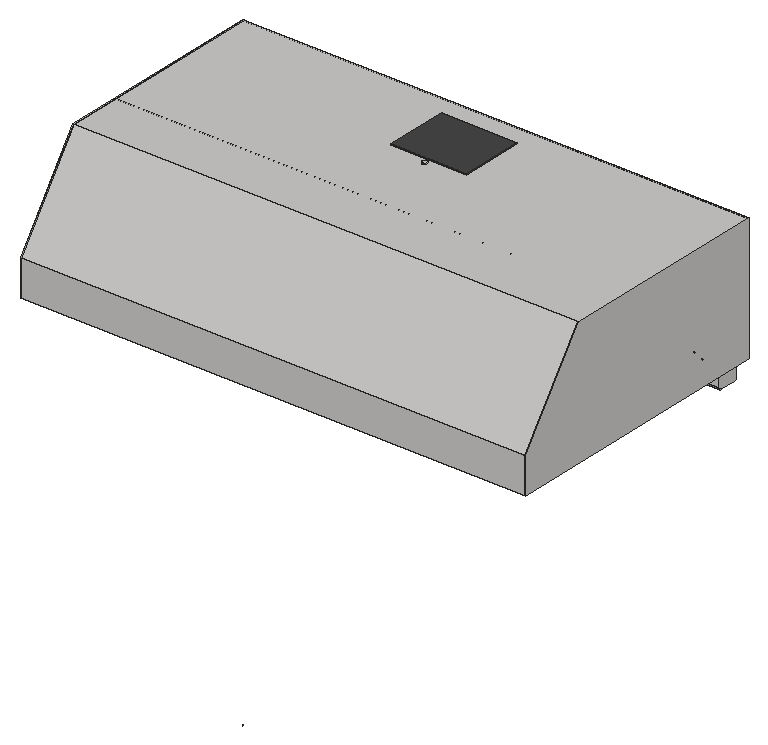
Revit family "QF_ELECTROLUXPROFESSIONAL_644222_ABPV1120BT", category Specialty Equipment, Revit 2014
Reference planes
  plane 1 "Center (Front/Back)": y = 0
  plane 2: z = 0
  plane 3 "Center (Left/Right)": x = 150
  plane 4 "LEFT": x = -850
  plane 5 "RIGHT": x = 1150
  plane 6 "BACK": y = 550
  plane 7 "FRONT": y = -550
  plane 8 "TOP": z = 2500
  plane 9 "Base": z = 2000
  plane 10: z = 1926
  plane 11 "DrainY": y = 485
  plane 12: x = -847
  plane 13: through (0, 414.509, 2000.8) normal (0, 0.7314, 0.682)
  plane 14: y = 470
  plane 15: y = 220
  plane 16 "DrainX": x = 1030
  plane 17: x = 0
  plane 18: x = 300
  plane 19: x = 1147
  plane 20: x = 940
  plane 21: x = 1120
  plane 22: x = -810
  plane 23: x = 1110
  plane 24: x = -47.5
  plane 25: x = 347.5
  plane 26: z = 2140.01
  plane 27: y = 200
Forms (mm)
  Extrusion 1, solid, material "QF_Finishes_Stainless Steel"
    sketch origin (-850, 0, 360) x (0, 1, 0) y (0, 0, 1)
      loop
        line (550, 1640) -> (550, 2140) -> (-290, 2140) -> (-550, 1780.01) -> (-550, 1640) -> (550, 1640)
    from 0 to 3
  Extrusion 2, solid, material "QF_Finishes_Stainless Steel"
    sketch origin (150, 0, 360) x (0, 1, 0) y (0, 0, 1)
      loop
        line (415.255, 1640) -> (550, 1640) -> (550, 2139.19) -> (549.2, 2139.19) -> (549.2, 1640.8) -> (415.876, 1640.8) -> (339.347, 1722.867) -> (349.609, 1732.436) -> (348.927, 1733.167) -> (337.934, 1722.917) -> (415.255, 1640)
      loop
        line (-82.203, 2139.19) -> (-82.203, 2118.6) -> (-31.047, 2118.6) -> (34.354, 2048.466) -> (46.028, 2059.352) -> (45.346, 2060.083) -> (34.403, 2049.879) -> (-30.612, 2119.6) -> (-81.203, 2119.6) -> (-81.203, 2139.19) -> (-82.203, 2139.19)
    from -997 to 997
  Extrusion 3, solid, material "QF_Finishes_Stainless Steel"
    sketch origin (1150, 0, 360) x (0, 1, 0) y (0, 0, 1)
      loop
        line (550, 1640) -> (550, 2140) -> (-290, 2140) -> (-550, 1780.01) -> (-550, 1640) -> (550, 1640)
    from 0 to -3
  Extrusion 4, solid, material "QF_Finishes_Stainless Steel"
    sketch origin (150, 0, 360) x (0, 1, 0) y (0, 0, 1)
      loop
        line (-550, 1780.01) -> (-550, 1640) -> (-549.2, 1640) -> (-549.2, 1779.751) -> (-289.598, 2139.19) -> (550, 2139.19) -> (550, 2140) -> (-290, 2140) -> (-550, 1780.01)
    from -1000 to 1000
  Extrusion 5, solid, material "QF_Finishes_Stainless Steel"
    sketch origin (150, 0, 360) x (0, 1, 0) y (0, 0, 1)
      loop
        line (534, 1640) -> (436, 1640) -> (436, 1627) -> (443.5, 1627) -> (443.5, 1576)
        arc (443.5, 1576) -> (446.429, 1568.929) -> (453.5, 1566) r 10
        line (453.5, 1566) -> (516.5, 1566)
        arc (516.5, 1566) -> (523.571, 1568.929) -> (526.5, 1576) r 10
        line (526.5, 1576) -> (526.5, 1627) -> (534, 1627) -> (534, 1640)
    from 790 to 970
  Extrusion 6, solid, material "QF_Finishes_Stainless Steel"
    sketch origin (0, 0, 2000) x (0, 1, 0) y (-1, 0, 0)
      loop
        circle (485, -1030) r 20
    from -76 to -74
  Extrusion 7, solid, material "QF_Finished_Chrome"
    sketch origin (150, 0, 360) x (0, 1, 0) y (0, 0, 1)
      loop
        line (337.934, 1722.917) -> (341.591, 1726.327) -> (38.011, 2051.876) -> (34.354, 2048.466) -> (337.934, 1722.917)
    from -197.5 to -960
  Extrusion 8, solid, material "QF_Finishes_Stainless Steel"
    sketch origin (150, 0, 360) x (0, 1, 0) y (0, 0, 1)
      loop
        line (337.934, 1722.917) -> (341.591, 1726.327) -> (38.011, 2051.876) -> (34.354, 2048.466) -> (337.934, 1722.917)
    from 997 to 960
  Extrusion 9, solid, material "QF_Finished_Chrome"
    sketch origin (150, 0, 360) x (0, 1, 0) y (0, 0, 1)
      loop
        line (341.588, 1726.324) -> (38.009, 2051.874) -> (34.354, 2048.466) -> (337.934, 1722.917) -> (341.588, 1726.324)
    from 197.5 to 960
  Extrusion 10, solid, material "QF_Finishes_Black"
    sketch origin (0, 0, 2500) x (0, 1, 0) y (-1, 0, 0)
      loop
        line (470, -300) -> (470, 0) -> (220, 0) -> (220, -300) -> (470, -300)
    from 5 to 0
  Extrusion 11, solid, material "QF_Finishes_Stainless Steel"
    sketch origin (0, 0, 0) x (1, 0, 0) y (0, 1, 0)
      loop
        line (-850, 550) -> (-850, 549) -> (-849, 549) -> (-849, 550) -> (-850, 550)
    from 0 to 1
  Extrusion 12, solid, material "QF_Finishes_Stainless Steel"
    sketch origin (150, 0, 360) x (0, 1, 0) y (0, 0, 1)
      loop
        line (337.934, 1722.917) -> (341.591, 1726.327) -> (38.011, 2051.876) -> (34.354, 2048.466) -> (337.934, 1722.917)
    from -960 to -997
  Extrusion 13, solid, material "QF_Finishes_Stainless Steel"
    sketch origin (150, 0, 360) x (0, 1, 0) y (0, 0, 1)
      loop
        line (337.934, 1722.917) -> (341.591, 1726.327) -> (38.011, 2051.876) -> (34.354, 2048.466) -> (337.934, 1722.917)
    from 197.5 to -197.5
  Extrusion 14, solid, material "QF_Finishes_Stainless Steel"
    sketch origin (0, 0, 2500) x (0, 1, 0) y (-1, 0, 0)
      loop
        circle (200, -150) r 10
    from 0 to 1.6
Cuts and joins
  joined: Extrusion 2, Extrusion 4
Lines and regions (mm)
  reference lines
    curve 1: line (150, 34.354, 2408.466) -> (150, 34.354, 2248.466)
  symbolic lines, style "SpecialityEquipment", detail levels coarse
    curve 2: line (1150, 550, 2500) -> (-850, 550, 2500)
    curve 3: line (-850, 550, 2500) -> (-850, -550, 2500)
    curve 4: line (1150, -550, 2500) -> (1150, 550, 2500)
    curve 5: line (-850, -550, 2500) -> (1150, -550, 2500)
    curve 6: line (300, 220, 2500) -> (0, 220, 2500)
    curve 7: line (300, 470, 2500) -> (300, 220, 2500)
    curve 8: line (0, 470, 2500) -> (300, 470, 2500)
    curve 9: line (0, 220, 2500) -> (0, 470, 2500)
    curve 10: line (-850, -290, 0) -> (1150, -290, 0)
    curve 11: line (-850, 550, 0) -> (1150, -290, 0)
    curve 12: line (-850, -290, 0) -> (1150, 550, 0)
Dimensions and locks
  plane 4 "LEFT" to plane 5 "RIGHT" = 2000 mm
  equal spacing: plane 4 "LEFT", plane 3 "Center (Left/Right)", plane 5 "RIGHT"
  locked: plane 8 "TOP" to plane 9 "Base" at 500
  plane 9 "Base" to plane 10 = 74 mm
  plane 6 "BACK" to plane 11 "DrainY" = 65 mm  (x2)
  plane 4 "LEFT" to plane 12 = 3 mm
  plane 6 "BACK" to plane 14 = 80 mm
  plane 14 to plane 15 = 250 mm  (x2)
  plane 16 "DrainX" to plane 5 "RIGHT" = 120 mm
  plane 19 to plane 5 "RIGHT" = 3 mm
  locked: plane 20 to plane 16 "DrainX" at 90
  locked: plane 16 "DrainX" to plane 21 at 90
  plane 6 "BACK" to plane 7 "FRONT" = 1100 mm  (x2)
  equal spacing: plane 6 "BACK", plane 1 "Center (Front/Back)", plane 7 "FRONT"
  plane 15 to plane 7 "FRONT" = 770 mm
  plane 14 to plane 6 "BACK" = 80 mm
  locked: plane 4 "LEFT" to plane 22 at 40
  locked: plane 23 to plane 5 "RIGHT" at 40
  locked: plane 24 to plane 25 at 395
  equal spacing: plane 24, plane 3 "Center (Left/Right)", plane 25
  locked: plane 17 to plane 18 at 300
  equal spacing: plane 17, plane 3 "Center (Left/Right)", plane 18
  curve 10 to plane 7 "FRONT" = 260 mm
  curve 10 to plane 6 "BACK" = 840 mm
  plane 9 "Base" to level = 2000 mm
  plane 26 to plane 9 "Base" = 140.01 mm
  plane 15 to plane 27 = 20 mm
  aligned and locked: level to plane 2
  aligned and locked: Extrusion 2 to Extrusion 1
  aligned and locked: Extrusion 2 to Extrusion 3
  aligned and locked: plane 5 "RIGHT" to Extrusion 4
  aligned and locked: Extrusion 4 to plane 4 "LEFT"
  aligned and locked: plane 19 to Extrusion 8
  aligned and locked: Extrusion 10 to plane 17
  aligned and locked: Extrusion 10 to plane 15
  aligned and locked: Extrusion 10 to plane 14
  aligned and locked: Extrusion 2 to Extrusion 4
  aligned and locked: plane 21 to Extrusion 5
  aligned and locked: Extrusion 5 to plane 20
  aligned and locked: Extrusion 8 to plane 23
  aligned and locked: Extrusion 9 to plane 23
  aligned and locked: Extrusion 7 to plane 22
  aligned and locked: Extrusion 12 to plane 12
  aligned and locked: plane 22 to Extrusion 12
  aligned and locked: Extrusion 3 to plane 19
  aligned and locked: Extrusion 10 to plane 18
  aligned and locked: plane 18 to curve 7
  aligned and locked: plane 25 to Extrusion 13
  aligned and locked: Extrusion 13 to plane 24
  aligned and locked: Extrusion 9 to plane 25
Automatic sketch dimensions
  curve 5 to plane 5 "RIGHT" = 0 mm
  curve 5 to plane 7 "FRONT" = 0 mm
  curve 6 to plane 15 = 0 mm
  plane 14 to curve 8 = 0 mm
  curve 3 to plane 4 "LEFT" = 0 mm
  curve 3 to plane 6 "BACK" = 0 mm
  curve 6 to plane 17 = 0 mm
  Extrusion 2 sketch curve to plane 13 = 0 mm  (x3)
  Extrusion 2 sketch curve to plane 9 "Base" = 0 mm
  plane 13 to Extrusion 2 sketch curve = 0 mm
  Extrusion 2 sketch curve to plane 6 "BACK" = 0 mm
  Extrusion 2 sketch curve to Extrusion 2 sketch curve = 65.646 mm
  Extrusion 2 sketch curve to Extrusion 2 sketch curve = 0.682 mm  (x2)
  Extrusion 2 sketch curve to Extrusion 2 sketch curve = 10.261 mm
  plane 9 "Base" to Extrusion 2 sketch curve = 82.917 mm
  Extrusion 2 sketch curve to plane 1 "Center (Front/Back)" = 46.028 mm
  Extrusion 2 sketch curve to Extrusion 2 sketch curve = 10.942 mm
  Extrusion 2 sketch curve to Extrusion 2 sketch curve = 0.049 mm
  Extrusion 2 sketch curve to plane 8 "TOP" = 20.4 mm
  Extrusion 2 sketch curve to plane 8 "TOP" = 21.4 mm
  Extrusion 2 sketch curve to plane 8 "TOP" = 0.81 mm  (x2)
  Extrusion 2 sketch curve to Extrusion 2 sketch curve = 50.156 mm
  Extrusion 2 sketch curve to Extrusion 2 sketch curve = 1 mm
  plane 9 "Base" to Extrusion 2 sketch curve = 0.8 mm
  Extrusion 2 sketch curve to plane 6 "BACK" = 0.8 mm
  curve 1 to plane 13 = 0 mm
  curve 1 to plane 1 "Center (Front/Back)" = 34.354 mm
  Extrusion 5 sketch curve to plane 9 "Base" = 0 mm
  Extrusion 5 sketch curve to plane 10 = 0 mm
  Extrusion 5 sketch curve to plane 9 "Base" = 13 mm  (x2)
  plane 14 to Extrusion 5 sketch curve = 34 mm
  Extrusion 5 sketch curve to Extrusion 5 sketch curve = 7.5 mm  (x2)
  Extrusion 5 sketch curve to Extrusion 5 sketch curve = 10 mm
  plane 11 "DrainY" to Extrusion 5 sketch curve = 31.5 mm
  Extrusion 5 sketch curve to plane 6 "BACK" = 23.5 mm
  Extrusion 6 sketch curve to plane 11 "DrainY" = 0 mm
  Extrusion 6 sketch curve to plane 16 "DrainX" = 0 mm
  Extrusion 7 sketch curve to plane 13 = 0 mm  (x2)
  Extrusion 7 sketch curve to plane 1 "Center (Front/Back)" = 34.354 mm
  Extrusion 7 sketch curve to Extrusion 7 sketch curve = 3.657 mm
  plane 9 "Base" to Extrusion 7 sketch curve = 82.917 mm
  Extrusion 8 sketch curve to plane 13 = 0 mm  (x2)
  Extrusion 8 sketch curve to plane 1 "Center (Front/Back)" = 34.354 mm
  Extrusion 8 sketch curve to Extrusion 8 sketch curve = 3.657 mm
  plane 9 "Base" to Extrusion 8 sketch curve = 82.917 mm
  Extrusion 9 sketch curve to plane 13 = 0 mm  (x2)
  Extrusion 9 sketch curve to plane 1 "Center (Front/Back)" = 34.354 mm
  Extrusion 9 sketch curve to Extrusion 9 sketch curve = 3.655 mm
  plane 9 "Base" to Extrusion 9 sketch curve = 82.917 mm
  Extrusion 10 sketch curve to plane 15 = 0 mm
  plane 14 to Extrusion 10 sketch curve = 0 mm
  Extrusion 10 sketch curve to plane 18 = 0 mm
  Extrusion 10 sketch curve to plane 17 = 0 mm
  Extrusion 11 sketch curve to plane 4 "LEFT" = 0 mm
  Extrusion 11 sketch curve to plane 6 "BACK" = 0 mm
  plane 4 "LEFT" to Extrusion 11 sketch curve = 1 mm
  Extrusion 11 sketch curve to Extrusion 11 sketch curve = 1 mm
  Extrusion 12 sketch curve to plane 13 = 0 mm  (x2)
  Extrusion 12 sketch curve to plane 1 "Center (Front/Back)" = 34.354 mm
  Extrusion 12 sketch curve to Extrusion 12 sketch curve = 3.657 mm
  plane 9 "Base" to Extrusion 12 sketch curve = 82.917 mm
  Extrusion 13 sketch curve to plane 13 = 0 mm  (x2)
  Extrusion 13 sketch curve to plane 1 "Center (Front/Back)" = 34.354 mm
  Extrusion 13 sketch curve to Extrusion 13 sketch curve = 3.657 mm
  plane 9 "Base" to Extrusion 13 sketch curve = 82.917 mm
  Extrusion 4 sketch curve to plane 7 "FRONT" = 0 mm
  Extrusion 4 sketch curve to plane 9 "Base" = 0 mm
  Extrusion 4 sketch curve to plane 8 "TOP" = 0 mm
  Extrusion 4 sketch curve to plane 6 "BACK" = 0 mm
  Extrusion 4 sketch curve to Extrusion 4 sketch curve = 0.8 mm
  plane 9 "Base" to Extrusion 4 sketch curve = 140.01 mm
  Extrusion 4 sketch curve to Extrusion 4 sketch curve = 0.81 mm
  Extrusion 4 sketch curve to Extrusion 4 sketch curve = 0.259 mm
  Extrusion 4 sketch curve to Extrusion 4 sketch curve = 0.402 mm
  plane 7 "FRONT" to Extrusion 4 sketch curve = 260 mm
  Extrusion 3 sketch curve to plane 7 "FRONT" = 0 mm
  Extrusion 3 sketch curve to plane 8 "TOP" = 0 mm
  Extrusion 3 sketch curve to plane 6 "BACK" = 0 mm
  Extrusion 3 sketch curve to plane 9 "Base" = 0 mm
  plane 9 "Base" to Extrusion 3 sketch curve = 140.01 mm
  plane 7 "FRONT" to Extrusion 3 sketch curve = 260 mm
  Extrusion 1 sketch curve to plane 7 "FRONT" = 0 mm
  Extrusion 1 sketch curve to plane 8 "TOP" = 0 mm
  Extrusion 1 sketch curve to plane 6 "BACK" = 0 mm
  Extrusion 1 sketch curve to plane 9 "Base" = 0 mm
  plane 9 "Base" to Extrusion 1 sketch curve = 140.01 mm
  plane 7 "FRONT" to Extrusion 1 sketch curve = 260 mm
  curve 1 to curve 1 = 160 mm
  curve 11 to plane 4 "LEFT" = 0 mm
  curve 10 to plane 4 "LEFT" = 0 mm
  curve 11 to plane 5 "RIGHT" = 0 mm
  curve 12 to plane 5 "RIGHT" = 0 mm
  curve 12 to plane 6 "BACK" = 0 mm
  curve 11 to plane 6 "BACK" = 0 mm
  Extrusion 14 sketch curve to plane 3 "Center (Left/Right)" = 0 mm
  Extrusion 14 sketch curve to plane 27 = 0 mm
  radius of Extrusion 6 sketch curve = 20 mm
  radius of Extrusion 14 sketch curve = 10 mm
Connectors
  piping at (1030, 485, 1924), diameter 20
    settings: on Extrusion 6, index 1, connector inside diameter 609.6 mm, connector length 0 mm, flow factor 0, pipe flow 0.0 L/s, pressure drop 0.0 Pa, fitting loss kfactor 0, connector angle 0.00°, fixture units 0, engagement length 0 mm, angle of deflection 0.00°, flow configuration 1, flow direction 2, fitting loss method 0, system type 16, joint type 0, gender type 0, connector reference index -1, connector utility 0, adjustable connector no, is connector primary yes, connector description "Drain"
  hvac at (150, 345, 2505)
    settings: on Extrusion 10, index 2, duct flow 0.0 L/s, flow factor 0, pres drop 0.0 Pa, loss coef 0, conn angle 0.00°, conn width 250 mm, conn height 300 mm, conn diameter 609.6 mm, duct sys type 3, conn prof type 1, flow config 0, flow direction 2, loss method 0, conn ref index -1, conn util no, is conn primary yes, conn desc "EXHAUST OUTLET"
  electrical at (150, 200, 2501.6)
    settings: on Extrusion 14, index 3, voltage 0 V, apparent load 0 VA, apparent load phase1 0 VA, apparent load phase2 0 VA, apparent load phase3 0 VA, power factor 1, load classification "Other", number of poles 1, system type 30, power factor state 1, is connector primary yes, connector utility no, sub classification motor no, connector description "Electrical Connection"
